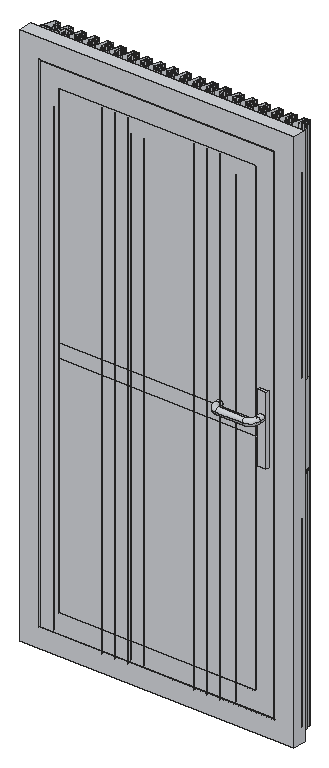
Revit family "NLRS_31_DO_WB_VS42 enkele deur-AV_jazo_jazo", category Doors, host Wall, Revit 2020
Family settings
  Host = Wall
  OmniClass Number = 23.30.10.00
  OmniClass Title = Doors
  Always vertical = Yes
  Cut with Voids When Loaded = No
  Shared = No
  Room Calculation Point = No
Parameters (values of type "TYPE CATALOG")
  URL = "www.jazo.com"
  Thickness = if(JAZO_C_forster presto kozijn, 50 mm, if(JAZO_C_aluminium kozijn, 60 mm, 50 mm))  # 50 mm
  Rough Width = NLRS_C_breedte_01  # 1010 mm
  Rough Height = NLRS_C_hoogte_01  # 2010 mm
  Operation = ""
  Negge = 61 mm
  NLRS_C_zelfsluitend = no
  NLRS_C_weerstandsklasse = "Voor specificaties of mogelijkheden, neem contact op."  # constant formula
  NLRS_C_vluchtroute = "Voor specificaties of mogelijkheden, neem contact op."  # constant formula
  NLRS_C_stelruimte = if(NLRS_C_brandwerend, 10 mm, 5 mm)  # 5 mm
  NLRS_C_rookwerendheid = "Voor specificaties of mogelijkheden, neem contact op."  # constant formula
  NLRS_C_offset_02 = if(JAZO_C_calculatie_01 < 1 mm, 1 mm, if(JAZO_C_calculatie_01 < 5 mm, 1 mm, if(JAZO_C_calculatie_01 < 10 mm, 5 mm, if(JAZO_C_calculatie_01 < 15 mm, 10 mm, if(JAZO_C_calculatie_01 < 20 mm, 15 mm, if(JAZO_C_calculatie_01 < 25 mm, 20 mm, if(JAZO_C_calculatie_01 < 30 mm, 25 mm, if(JAZO_C_calculatie_01 < 35 mm, 30 mm, if(JAZO_C_calculatie_01 < 40 mm, 35 mm, 42 mm)))))))))  # 20 mm
  NLRS_C_offset_01 = (NLRS_C_breedte - 4 mm - 75.2 mm - 158.4 mm - 4 mm - NLRS_C_lengte_01) / 2  # 19.2 mm
  NLRS_C_offset = Negge  # 61 mm
  NLRS_C_merk = "Voor specificaties of mogelijkheden, neem contact op."  # constant formula
  NLRS_C_leverancier_url = "www.jazo.com"  # constant formula
  NLRS_C_leverancier_telefoonnummer = "+31 316 - 59 29 11"  # constant formula
  NLRS_C_leverancier_postcode = "6905 DJ"  # constant formula
  NLRS_C_leverancier_plaats = "Zevenaar"  # constant formula
  NLRS_C_leverancier_email = "info@jazo.com"  # constant formula
  NLRS_C_leverancier_bedrijfsnaam = "JAZO Zevenaar bv"  # constant formula
  NLRS_C_leverancier_adres = "Handelsdwarsstraat 10"  # constant formula
  NLRS_C_lengte_03 = 1050 mm - 185 mm + 4 mm  # 869 mm
  NLRS_C_lengte_02 = NLRS_C_hoogte - 1050 mm - 110 mm + 15 mm  # 855 mm
  NLRS_C_lengte_01 = NLRS_C_aantal_01 * 48 mm  # 720 mm
  NLRS_C_inbraakwerend = no
  NLRS_C_hoogte_min = if(JAZO_C_forster presto kozijn, if(and(NLRS_C_brandwerend, NLRS_C_inbraakwerend), 2050 mm, if(NLRS_C_inbraakwerend, 2050 mm, if(NLRS_C_brandwerend, 2000 mm, 1850 mm))), if(JAZO_C_aluminium kozijn, 1850 mm, 1850 mm))  # 1850 mm
  NLRS_C_hoogte_max = if(JAZO_C_forster presto kozijn, if(NLRS_C_inbraakwerend, 2640 mm, 3000 mm), if(JAZO_C_aluminium kozijn, if(NLRS_C_inbraakwerend, 2645 mm, 3200 mm), 2000 mm))  # 3000 mm
  NLRS_C_hoogte_01 = NLRS_C_hoogte + (NLRS_C_stelruimte * 2)  # 2010 mm
  NLRS_C_hoogte = if(Height < NLRS_C_hoogte_min, NLRS_C_hoogte_min, if(Height > NLRS_C_hoogte_max, NLRS_C_hoogte_max, Height))  # 2000 mm
  NLRS_C_geluidwering Rw = "Voor specificaties of mogelijkheden, neem contact op."  # constant formula
  NLRS_C_diepte_02 = if(JAZO_C_forster presto kozijn, 50 mm, 30 mm)  # 50 mm
  NLRS_C_diepte_01 = if(JAZO_C_forster presto kozijn, 111 mm, 121 mm)  # 111 mm
  NLRS_C_diepte = Thickness  # 50 mm
  NLRS_C_content_versie = "2.4"  # constant formula
  NLRS_C_content_revit versie = "REVIT 2020.2"  # constant formula
  NLRS_C_content_provider = "JAZO Zevenaar bv"  # constant formula
  NLRS_C_content_datum uitgifte = "17-8-2022"  # constant formula
  NLRS_C_content_datum gewijzigd = "7-11-2022"  # constant formula
  NLRS_C_content_creator = "JAZO Zevenaar bv"  # constant formula
  NLRS_C_breedte_min = 850 mm  # constant formula
  NLRS_C_breedte_max = if(JAZO_C_forster presto kozijn, if(NLRS_C_inbraakwerend, 1440 mm, 1500 mm), if(JAZO_C_aluminium kozijn, if(NLRS_C_inbraakwerend, 1661 mm, 1400 mm), 1000 mm))  # 1500 mm
  NLRS_C_breedte_01 = NLRS_C_breedte + NLRS_C_stelruimte * 2  # 1010 mm
  NLRS_C_breedte = if(Width < NLRS_C_breedte_min, NLRS_C_breedte_min, if(Width > NLRS_C_breedte_max, NLRS_C_breedte_max, Width))  # 1000 mm
  NLRS_C_brandwerend = no
  NLRS_C_aantal_01 = rounddown((NLRS_C_breedte - 4 mm - 75.2 mm - 158.4 mm - 4 mm) / 48 mm)  # 15
  Model = "VS42 enkele deur"  # constant formula
  Manufacturer = "JAZO Zevenaar bv"  # constant formula
  MIN WIDTH = NLRS_C_breedte_min  # 850 mm
  MIN HEIGHT = NLRS_C_hoogte_min  # 1850 mm
  MAX WIDTH = NLRS_C_breedte_max  # 1500 mm
  MAX HEIGHT = NLRS_C_hoogte_max  # 3000 mm
  JAZO_C_ventilerend = no
  JAZO_C_paniekfunctie = no
  JAZO_C_opbouwrooster VS42 = if(or(JAZO_C_aluminium kozijn, JAZO_C_forster presto kozijn), 1 < 2, 2 < 1)  # yes
  JAZO_C_niet ventilerend = yes
  JAZO_C_materiaal schoep = none
  JAZO_C_materiaal scharnier = none
  JAZO_C_materiaal forster presto sandwichpaneel = none
  JAZO_C_materiaal forster presto kozijn = none
  JAZO_C_materiaal forster presto deurprofiel = none
  JAZO_C_materiaal beslag = none
  JAZO_C_materiaal aluminium planken = none
  JAZO_C_materiaal aluminium kozijn = none
  JAZO_C_forster presto kozijn = yes
  JAZO_C_dagmaat hoogte = if(JAZO_C_forster presto kozijn, NLRS_C_hoogte - 70 mm - 70 mm, if(JAZO_C_aluminium kozijn, NLRS_C_hoogte - 52 mm - 52 mm, 0 mm))  # 1860 mm
  JAZO_C_dagmaat breedte = if(JAZO_C_forster presto kozijn, NLRS_C_breedte - 70 mm - 70 mm, if(JAZO_C_aluminium kozijn, NLRS_C_breedte - 52 mm - 52 mm, 0 mm))  # 860 mm
  JAZO_C_calculatie_01 = if(JAZO_C_aluminium kozijn, 43.5 mm - NLRS_C_offset_01, if(JAZO_C_forster presto kozijn, 39.5 mm - NLRS_C_offset_01, 42 mm))  # 20.3 mm
  JAZO_C_aluminium kozijn = no
  Function = Exterior
  Height = 2000 mm
  Wall Closure = By host
  Width = 1000 mm
  Description = "VS42 enkele deur"  # constant formula
  Define Thermal Properties by = User Defined
  Construction Type = "Voor specificaties of mogelijkheden, neem contact op."  # constant formula
  Assembly Code = "23.30.10.00"
  Analytic Construction = "<None>"
Reference planes
  plane 1 "Center (Front/Back)": y = 0
  plane 2 "Center (Left/Right)": x = 0
  plane 3 "Left": x = -500
  plane 4 "Right": x = 500
  plane 5 "Top": z = 2005
  plane 6 "Exterior": y = 75
  plane 7 "Interior": y = -75
  plane 8 "stelruimte r": x = 505
  plane 9 "stelruimte l": x = -505
  plane 10 "stelruimte b": z = 2010
  plane 11 "stelruimte o": z = 5
  plane 12 "center kozijn": y = -11
  plane 13 "Center": z = 1005
  plane 14 "voorkant kozijn": y = 14
  plane 15 "achterkant kozijn": y = -36
  plane 16 "voorkant schoep": y = 75
  plane 17 "center kozijn + schoep": y = 19.5
  plane 18 "offset L": x = -480.8
  plane 19 "start schoep": x = -476.8
  plane 20 "sectie 2": x = 318.41
  plane 21 "offset R": x = 476.8
  plane 22: x = 496
  plane 23 "sectie 1": x = -401.59
  plane 24 "beslag": z = 1055
  plane 25: z = 870
Lines and regions (mm)
  Opening 1
    outline origin (-3161.91, -75, 0) x (1, 0, 0) y (0, 0, 1)
      loop
        line (2656.91, 0) -> (3666.91, 0) -> (3666.91, 2010) -> (2656.91, 2010) -> (2656.91, 0)
  symbolic lines, style "Swing Elevation"
    curve 1: line (500, -75, 1005) -> (-500, -75, 2005)
    curve 2: line (500, -75, 1005) -> (-500, -75, 0)
Text (mm)
  text "Exterior" at (-2295.016, 1099.543, 0), in view "Ref. Level"
  text "Exterior" at (0, 1615.38, 3698.081), in view "Left"
  text "Exterior" at (0, 1036.032, 3874.932), in view "Right"
Dimensions and locks
  equal spacing: plane 9 "stelruimte l", plane 2 "Center (Left/Right)", plane 8 "stelruimte r"
  "NLRS_C_breedte": plane 3 "Left" to plane 4 "Right"
  "NLRS_C_hoogte": plane 5 "Top" to plane 11 "stelruimte o"
  "NLRS_C_hoogte_01": host wall to plane 10 "stelruimte b"
  locked: plane 6 "Exterior" to host wall
  locked: plane 7 "Interior" to host wall
  "NLRS_C_breedte_01": plane 9 "stelruimte l" to plane 8 "stelruimte r"
  equal spacing: plane 3 "Left", plane 2 "Center (Left/Right)", plane 4 "Right"
  equal spacing: plane 11 "stelruimte o", plane 13 "Center", plane 5 "Top"
  "NLRS_C_stelruimte": level to plane 11 "stelruimte o"
  equal spacing: plane 14 "voorkant kozijn", plane 12 "center kozijn", plane 15 "achterkant kozijn"
  "NLRS_C_diepte": plane 14 "voorkant kozijn" to plane 15 "achterkant kozijn"
  "NLRS_C_diepte_01": plane 16 "voorkant schoep" to plane 15 "achterkant kozijn"
  equal spacing: plane 16 "voorkant schoep", plane 17 "center kozijn + schoep", plane 15 "achterkant kozijn"
  "NLRS_C_offset": plane 14 "voorkant kozijn" to plane 6 "Exterior"
  locked: plane 11 "stelruimte o" to nested 12 at 180
  locked: nested 14 to plane 5 "Top" at 180
  locked: nested 11 to plane 10 "stelruimte b" at 180
  locked: plane 11 "stelruimte o" to nested 9 at 180
  "NLRS_C_offset_01": plane 3 "Left" to plane 18 "offset L"
  locked: plane 18 "offset L" to plane 19 "start schoep" at 4
  plane 20 "sectie 2" to plane 21 "offset R" = 158.39 mm
  locked: plane 22 to plane 4 "Right" at 4
  "NLRS_C_offset_01": plane 21 "offset R" to plane 22
  locked: plane 19 "start schoep" to plane 23 "sectie 1" at 75.21
  equal spacing: group 1, group 2, group 3, group 4, group 5, group 6, group 7, group 8, group 9, group 10, group 11, group 12, group 19, group 20, group 21  (x3)
  locked: plane 23 "sectie 1" to nested 17 at 48
  "NLRS_C_lengte_01": plane 23 "sectie 1" to plane 20 "sectie 2"
  locked: plane 11 "stelruimte o" to plane 24 "beslag" at 1050
  equal spacing: group 15, group 14, group 13  (x2)
  equal spacing: group 13, group 14, group 15
  locked: nested 30 to plane 21 "offset R" at 48
  equal spacing: group 18, group 17, group 16
  equal spacing: group 16, group 17, group 18  (x2)
  locked: nested 33 to plane 21 "offset R" at 48
  locked: plane 25 to plane 24 "beslag" at 185
  aligned and locked: Opening 1 sketch curve to level
  aligned and locked: plane 1 "Center (Front/Back)" to host wall
  aligned and locked: Opening 1 sketch curve to plane 9 "stelruimte l"
  aligned and locked: plane 10 "stelruimte b" to Opening 1 sketch curve
  aligned and locked: Opening 1 sketch curve to plane 8 "stelruimte r"
  aligned and locked: plane 2 "Center (Left/Right)" to nested 1
  aligned and locked: nested 1 to plane 12 "center kozijn"
  aligned and locked: nested 1 to plane 5 "Top"
  aligned and locked: plane 2 "Center (Left/Right)" to nested 2
  aligned and locked: nested 2 to plane 12 "center kozijn"
  aligned and locked: nested 3 to plane 12 "center kozijn"
  aligned and locked: plane 2 "Center (Left/Right)" to nested 3
  aligned and locked: plane 2 "Center (Left/Right)" to nested 4
  aligned and locked: nested 4 to plane 12 "center kozijn"
  aligned and locked: nested 5 to plane 12 "center kozijn"
  aligned and locked: plane 2 "Center (Left/Right)" to nested 5
  aligned and locked: nested 3 to plane 5 "Top"
  aligned and locked: nested 5 to plane 5 "Top"
  aligned and locked: plane 2 "Center (Left/Right)" to nested 6
  aligned and locked: nested 6 to plane 17 "center kozijn + schoep"
  aligned and locked: plane 2 "Center (Left/Right)" to nested 7
  aligned and locked: nested 7 to plane 17 "center kozijn + schoep"
  aligned and locked: plane 13 "Center" to nested 4
  aligned and locked: nested 8 to plane 3 "Left"
  aligned and locked: nested 8 to plane 14 "voorkant kozijn"
  aligned and locked: nested 12 to plane 3 "Left"
  aligned and locked: nested 13 to plane 3 "Left"
  aligned and locked: nested 14 to plane 3 "Left"
  aligned and locked: plane 14 "voorkant kozijn" to nested 14
  aligned and locked: plane 14 "voorkant kozijn" to nested 13
  aligned and locked: plane 14 "voorkant kozijn" to nested 12
  aligned and locked: nested 9 to plane 3 "Left"
  aligned and locked: nested 10 to plane 3 "Left"
  aligned and locked: nested 11 to plane 3 "Left"
  aligned and locked: nested 11 to plane 14 "voorkant kozijn"
  aligned and locked: nested 10 to plane 14 "voorkant kozijn"
  aligned and locked: nested 9 to plane 14 "voorkant kozijn"
  aligned and locked: plane 13 "Center" to nested 13
  aligned and locked: plane 13 "Center" to nested 10
  aligned and locked: nested 2 to plane 5 "Top"
  aligned and locked: nested 15 to plane 13 "Center"
  aligned and locked: plane 19 "start schoep" to nested 15
  aligned and locked: nested 15 to plane 14 "voorkant kozijn"
  aligned and locked: nested 16 to plane 14 "voorkant kozijn"
  aligned and locked: nested 16 to plane 23 "sectie 1"
  aligned and locked: nested 17 to plane 14 "voorkant kozijn"
  aligned and locked: nested 16 to plane 13 "Center"
  aligned and locked: nested 17 to plane 13 "Center"
  aligned and locked: nested 18 to plane 21 "offset R"
  aligned and locked: nested 18 to plane 14 "voorkant kozijn"
  aligned and locked: plane 24 "beslag" to nested 18
  aligned and locked: nested 29 to plane 21 "offset R"
  aligned and locked: nested 29 to plane 14 "voorkant kozijn"
  aligned and locked: nested 31 to plane 14 "voorkant kozijn"
  aligned and locked: plane 5 "Top" to nested 31
  aligned and locked: plane 5 "Top" to nested 29
  aligned and locked: nested 32 to plane 21 "offset R"
  aligned and locked: plane 25 to nested 34
  aligned and locked: plane 25 to nested 32
  aligned and locked: nested 32 to plane 14 "voorkant kozijn"
  aligned and locked: nested 34 to plane 14 "voorkant kozijn"
  aligned and locked: nested 38 to plane 16 "voorkant schoep"
  aligned and locked: nested 38 to plane 21 "offset R"
  aligned and locked: nested 39 to plane 4 "Right"
  aligned and locked: nested 39 to plane 3 "Left"
  aligned and locked: plane 14 "voorkant kozijn" to nested 39
  aligned and locked: plane 2 "Center (Left/Right)" to nested 40
  aligned and locked: nested 40 to plane 17 "center kozijn + schoep"
Automatic sketch dimensions
  plane 4 "Right" to curve 2 = 0 mm
  curve 2 to level = 0 mm
  curve 2 to plane 13 "Center" = 0 mm
  plane 3 "Left" to curve 1 = 0 mm
  curve 1 to plane 5 "Top" = 0 mm
  plane 3 "Left" to curve 2 = 0 mm
Nested families
  nested 1: "NLRS_31_GM_UN_forster presto kozijn-AV" at (0, -11, 5), type "forster presto kozijn"
    with NLRS_C_breedte 1000 mm
  nested 2: "NLRS_31_GM_UN_aluminium kozijn-AV" at (0, -11, 5), type "aluminium kozijn"
  nested 3: "NLRS_31_GM_UN_forster presto deurprofiel-AV" at (0, -11, 5), type "forster presto deurprofiel"
  nested 4: "NLRS_31_GM_UN_forster presto sandwichpaneel opbouwroosters-AV" at (0, -11, 5), type "forster presto sandiwchpaneel opbouwroosters"
    with NLRS_C_zichtbaar_02 no, NLRS_C_breedte_01 720 mm, NLRS_C_breedte 1000 mm, NLRS_C_brandwerend no, JAZO_C_ventilerend no, JAZO_C_niet ventilerend yes
  nested 5: "NLRS_31_GM_UN_aluminium planken opbouwroosters-AV" at (0, 4.008, 5), type "aluminium planken"
    with NLRS_C_zichtbaar_01 no, NLRS_C_hoogte_04 759.5 mm, NLRS_C_hoogte_03 755.5 mm, NLRS_C_hoogte_02 1930 mm, NLRS_C_hoogte 2000 mm, NLRS_C_breedte_03 742 mm, NLRS_C_breedte_02 753 mm, NLRS_C_breedte_01 952 mm, NLRS_C_breedte 1000 mm, NLRS_C_aantal_02 38, NLRS_C_aantal_01 38, JAZO_C_aluminium kozijn no
  nested 6: "NLRS_31_DI_UN_markering" at (0, 19.5, 0), type "markering"
  nested 7: "NLRS_31_GA_UN_error message" at (0, 19.5, 0), type "error message"
    with NLRS_C_zichtbaar_10 no, NLRS_C_zichtbaar_05 no, NLRS_C_hoogte_max 3000 mm, NLRS_C_hoogte 2000 mm, NLRS_C_breedte_max 1500 mm, NLRS_C_brandwerend no, JAZO_C_aluminium kozijn no
  nested 8: "NLRS_31_DI_UN_scharnier detail HS42R HJ44" at (-500, 14, 0), type "scharnier detail HS42R HJ44"
  nested 9: "NLRS_31_GM_UN_scharnier aluminium HS42R HJ44-AV" at (-480, 75.5, 95), type "scharnier aluminium HS42R HJ44"
  nested 10: "NLRS_31_GM_UN_scharnier aluminium HS42R HJ44-AV" at (-480, 75.5, 915), type "scharnier aluminium HS42R HJ44"
  nested 11: "NLRS_31_GM_UN_scharnier aluminium HS42R HJ44-AV" at (-480, 75.5, 1740), type "scharnier aluminium HS42R HJ44"
  nested 12: "NLRS_31_GM_UN_scharnier staal HS42R HJ44-AV" at (-480, 68, 99.5), type "scharnier staal HS42R HJ44"
  nested 13: "NLRS_31_GM_UN_scharnier staal HS42R HJ44-AV" at (-480, 68, 919.5), type "scharnier staal HS42R HJ44"
  nested 14: "NLRS_31_GM_UN_scharnier staal HS42R HJ44-AV" at (-480, 68, 1739.5), type "scharnier staal HS42R HJ44"
  nested 15: "NLRS_31_GM_UN_VS42 start schoep-AV" at (-431.685, 50, 5) x (-1, 0, 0) z (0, 0, 1), NLRS_C_hoogte <- "NLRS_C_hoogte", type "VS42 start schoep"
    with NLRS_C_hoogte 2000 mm, NLRS_C_afstand 20 mm
  nested 16: "NLRS_31_GM_UN_VS42 schoep-AV" at (-370.382, 50, 5) x (-1, 0, 0) z (0, 0, 1), NLRS_C_hoogte <- "NLRS_C_hoogte", type "VS42 schoep"
    with NLRS_C_hoogte 2000 mm
  nested 17: "NLRS_31_GM_UN_VS42 schoep-AV" at (-322.382, 50, 5) x (-1, 0, 0) z (0, 0, 1), NLRS_C_hoogte <- "NLRS_C_hoogte", type "VS42 schoep"
    with NLRS_C_hoogte 2000 mm
  nested 18: "NLRS_31_GM_UN_beslagbak VS42-AV" at (381.8, 25, 870), visible <- "JAZO_C_opbouwrooster VS42", type "beslagbak VS42"
  nested 19: "NLRS_31_GM_UN_VS42 schoep-AV" at (-274.382, 50, 5) x (-1, 0, 0) z (0, 0, 1), NLRS_C_hoogte <- "NLRS_C_hoogte", type "VS42 schoep"
    with NLRS_C_hoogte 2000 mm
  nested 20: "NLRS_31_GM_UN_VS42 schoep-AV" at (-226.382, 50, 5) x (-1, 0, 0) z (0, 0, 1), NLRS_C_hoogte <- "NLRS_C_hoogte", type "VS42 schoep"
    with NLRS_C_hoogte 2000 mm
  nested 21: "NLRS_31_GM_UN_VS42 schoep-AV" at (-178.382, 50, 5) x (-1, 0, 0) z (0, 0, 1), NLRS_C_hoogte <- "NLRS_C_hoogte", type "VS42 schoep"
    with NLRS_C_hoogte 2000 mm
  nested 22: "NLRS_31_GM_UN_VS42 schoep-AV" at (-130.382, 50, 5) x (-1, 0, 0) z (0, 0, 1), NLRS_C_hoogte <- "NLRS_C_hoogte", type "VS42 schoep"
    with NLRS_C_hoogte 2000 mm
  nested 23: "NLRS_31_GM_UN_VS42 schoep-AV" at (-82.382, 50, 5) x (-1, 0, 0) z (0, 0, 1), NLRS_C_hoogte <- "NLRS_C_hoogte", type "VS42 schoep"
    with NLRS_C_hoogte 2000 mm
  nested 24: "NLRS_31_GM_UN_VS42 schoep-AV" at (-34.382, 50, 5) x (-1, 0, 0) z (0, 0, 1), NLRS_C_hoogte <- "NLRS_C_hoogte", type "VS42 schoep"
    with NLRS_C_hoogte 2000 mm
  nested 25: "NLRS_31_GM_UN_VS42 schoep-AV" at (13.618, 50, 5) x (-1, 0, 0) z (0, 0, 1), NLRS_C_hoogte <- "NLRS_C_hoogte", type "VS42 schoep"
    with NLRS_C_hoogte 2000 mm
  nested 26: "NLRS_31_GM_UN_VS42 schoep-AV" at (61.618, 50, 5) x (-1, 0, 0) z (0, 0, 1), NLRS_C_hoogte <- "NLRS_C_hoogte", type "VS42 schoep"
    with NLRS_C_hoogte 2000 mm
  nested 27: "NLRS_31_GM_UN_VS42 schoep-AV" at (109.618, 50, 5) x (-1, 0, 0) z (0, 0, 1), NLRS_C_hoogte <- "NLRS_C_hoogte", type "VS42 schoep"
    with NLRS_C_hoogte 2000 mm
  nested 28: "NLRS_31_GM_UN_VS42 schoep-AV" at (157.618, 50, 5) x (-1, 0, 0) z (0, 0, 1), NLRS_C_hoogte <- "NLRS_C_hoogte", type "VS42 schoep"
    with NLRS_C_hoogte 2000 mm
  nested 29: "NLRS_31_GM_UN_VS42 schoep-AV" at (445.592, 50, 1150) x (-1, 0, 0) z (0, 0, 1), NLRS_C_hoogte <- "NLRS_C_lengte_02", type "VS42 schoep"
    with NLRS_C_hoogte 855 mm
  nested 30: "NLRS_31_GM_UN_VS42 schoep-AV" at (397.592, 50, 1150) x (-1, 0, 0) z (0, 0, 1), NLRS_C_hoogte <- "NLRS_C_lengte_02", type "VS42 schoep"
    with NLRS_C_hoogte 855 mm
  nested 31: "NLRS_31_GM_UN_VS42 schoep-AV" at (349.592, 50, 1150) x (-1, 0, 0) z (0, 0, 1), NLRS_C_hoogte <- "NLRS_C_lengte_02", type "VS42 schoep"
    with NLRS_C_hoogte 855 mm
  nested 32: "NLRS_31_GM_UN_VS42 schoep-AV" at (445.592, 50, 5) x (-1, 0, 0) z (0, 0, 1), NLRS_C_hoogte <- "NLRS_C_lengte_03", type "VS42 schoep"
    with NLRS_C_hoogte 869 mm
  nested 33: "NLRS_31_GM_UN_VS42 schoep-AV" at (397.592, 50, 5) x (-1, 0, 0) z (0, 0, 1), NLRS_C_hoogte <- "NLRS_C_lengte_03", type "VS42 schoep"
    with NLRS_C_hoogte 869 mm
  nested 34: "NLRS_31_GM_UN_VS42 schoep-AV" at (349.592, 50, 5) x (-1, 0, 0) z (0, 0, 1), NLRS_C_hoogte <- "NLRS_C_lengte_03", type "VS42 schoep"
    with NLRS_C_hoogte 869 mm
  nested 35: "NLRS_31_GM_UN_VS42 schoep-AV" at (205.618, 50, 5) x (-1, 0, 0) z (0, 0, 1), NLRS_C_hoogte <- "NLRS_C_hoogte", type "VS42 schoep"
    with NLRS_C_hoogte 2000 mm
  nested 36: "NLRS_31_GM_UN_VS42 schoep-AV" at (253.618, 50, 5) x (-1, 0, 0) z (0, 0, 1), NLRS_C_hoogte <- "NLRS_C_hoogte", type "VS42 schoep"
    with NLRS_C_hoogte 2000 mm
  nested 37: "NLRS_31_GM_UN_VS42 schoep-AV" at (301.618, 50, 5) x (-1, 0, 0) z (0, 0, 1), NLRS_C_hoogte <- "NLRS_C_hoogte", type "VS42 schoep"
    with NLRS_C_hoogte 2000 mm
  nested 38: "NLRS_31_DI_UN_beslagbak detail VS42" at (392.4, 55, 0), type "beslagbak detail VS42"
  nested 39: "NLRS_31_GM_UN_door swing" at (-500, 14, 0) x (-1, 0, 0) z (0, 0, 1), NLRS_C_breedte <- "NLRS_C_breedte", type "door swing"
    with NLRS_C_hoek 90.00°, NLRS_C_breedte 1000 mm
  nested 40: "NLRS_31_GA_UN_error message paniekfunctie" at (0, 19.5, 0), type "error message"
    with NLRS_C_zichtbaar_01 no, NLRS_C_inbraakwerend no, JAZO_C_ventilerend no, JAZO_C_paniekfunctie no
Definition of nested family "NLRS_31_GM_UN_forster presto kozijn-AV"
  Parameters (values of type "forster presto kozijn")
    URL = "www.jazo.com"
    NLRS_C_zichtbaar_01 = yes
    NLRS_C_materiaal = none
    NLRS_C_hoogte = 2000 mm
    NLRS_C_diepte = 50 mm  # constant formula
    NLRS_C_breedte = 2500 mm
    Model = "Forster Presto kozijn"
    Manufacturer = "JAZO Zevenaar bv"
    Description = "Forster Presto kozijn"
    Default Elevation = 0 mm
    Assembly Code = "23.30.10.11.11"
  Reference planes
    plane 1 "Center (Front/Back)": y = 0
    plane 2 "Bottom": z = 0
    plane 3 "Center (Left/Right)": x = 0
    plane 4 "Left": x = -1250
    plane 5 "Right": x = 1250
    plane 6 "Top": z = 2000
    plane 7 "voorkant kozijn": y = 25
    plane 8 "achterkant kozijn": y = -25
  Forms (mm)
    Sweep 1, solid, material <- "NLRS_C_materiaal", visible <- "NLRS_C_zichtbaar_01"
      path origin (0, 0, 0) x (1, 0, 0) y (0, 0, 1)
        loop
          line (-1250, 2000) -> (-1250, 0) -> (1250, 0) -> (1250, 2000) -> (-1250, 2000)
      profile origin (0, 0, 2000) x (0, 0, 1) y (0, -1, 0)
        loop
          line (0, -25) -> (0, 25) -> (-50, 25) -> (-70, 25) -> (-70, 22.003) -> (-50, 22.003) -> (-50, -19) -> (-36, -19) -> (-36, -25) -> (0, -25)
  Lines and regions (mm)
    symbolic lines, visible <- "NLRS_C_zichtbaar_01"
      curve 1: line (-1181.52, -25, 0) -> (1181.52, -25, 0)
      curve 2: line (-1216.25, 25, 0) -> (1216.25, 25, 0)
    symbolic lines
      curve 3: line (0, -25, 1931.52) -> (0, -25, 68.48)
      curve 4: line (0, 25, 33.75) -> (0, 25, 1966.25)
  Dimensions and locks
    "NLRS_C_hoogte": plane 6 "Top" to plane 2 "Bottom"
    "NLRS_C_diepte": plane 7 "voorkant kozijn" to plane 8 "achterkant kozijn"
    "NLRS_C_breedte": plane 4 "Left" to plane 5 "Right"
    equal spacing: plane 4 "Left", plane 3 "Center (Left/Right)", plane 5 "Right"
    aligned and locked: level to plane 2 "Bottom"
    aligned and locked: Sweep 1 to plane 8 "achterkant kozijn"
    aligned and locked: Sweep 1 to plane 7 "voorkant kozijn"
    aligned and locked: nested 1 to plane 8 "achterkant kozijn"
    aligned and locked: nested 2 to plane 8 "achterkant kozijn"
    aligned and locked: Sweep 1 sketch curve to plane 6 "Top"
    aligned and locked: Sweep 1 sketch curve to plane 4 "Left"
    aligned and locked: plane 5 "Right" to Sweep 1 sketch curve
    aligned and locked: plane 2 "Bottom" to Sweep 1 sketch curve
    aligned and locked: nested 1 to plane 4 "Left"
    aligned and locked: nested 2 to plane 5 "Right"
    aligned and locked: nested 4 to plane 6 "Top"
    aligned and locked: nested 3 to plane 2 "Bottom"
    aligned and locked: curve 1 to plane 8 "achterkant kozijn"
    aligned and locked: curve 2 to plane 7 "voorkant kozijn"
    aligned and locked: plane 8 "achterkant kozijn" to curve 3
    aligned and locked: curve 4 to plane 7 "voorkant kozijn"
  Automatic sketch dimensions
    profile plane to Sweep 1 sketch curve = 0 mm
    profile plane to Sweep 1 sketch curve = 36 mm
    Sweep 1 sketch curve to Sweep 1 sketch curve = 14 mm
    Sweep 1 sketch curve to Sweep 1 sketch curve = 0 mm
    Sweep 1 sketch curve to Sweep 1 sketch curve = 20 mm
    Sweep 1 sketch curve to plane 1 "Center (Front/Back)" = 25 mm
    Sweep 1 sketch curve to Sweep 1 sketch curve = 6 mm
    plane 1 "Center (Front/Back)" to Sweep 1 sketch curve = 22.003 mm
    Sweep 1 sketch curve to Sweep 1 sketch curve = 2.997 mm
    curve 2 to plane 4 "Left" = 33.75 mm
    curve 2 to curve 1 = 34.73 mm
    plane 5 "Right" to curve 1 = 68.48 mm
    plane 5 "Right" to curve 2 = 33.75 mm
    level to curve 4 = 33.75 mm
    curve 4 to curve 3 = 34.73 mm
    curve 3 to plane 6 "Top" = 68.48 mm
    curve 4 to plane 6 "Top" = 33.75 mm
  Nested families
    nested 1: "NLRS_31_DI_UN_forster presto kozijn detail" at (-1250, -25, 0) x (0, 1, 0) z (0, 0, 1), visible <- "NLRS_C_zichtbaar_01", type "forster presto kozijn detail"
    nested 2: "NLRS_31_DI_UN_forster presto kozijn detail" at (1250, -25, 0) x (0, 1, 0) z (0, 0, 1), visible <- "NLRS_C_zichtbaar_01", type "forster presto kozijn detail"
    nested 3: "NLRS_31_DI_UN_forster presto kozijn detail" at (0, -25, 0) x (0, 1, 0) z (1, 0, 0), visible <- "NLRS_C_zichtbaar_01", type "forster presto kozijn detail"
    nested 4: "NLRS_31_DI_UN_forster presto kozijn detail" at (0, -25, 2000) x (0, 1, 0) z (1, 0, 0), visible <- "NLRS_C_zichtbaar_01", type "forster presto kozijn detail"
  Definition of nested family "NLRS_31_DI_UN_forster presto kozijn detail"
    Parameters (values of type "forster presto kozijn detail")
      URL = "www.jazo.com"
      Manufacturer = "Jazo Zevenaar BV"
      Description = "Forster presto kozijn detail"
    Reference planes
      plane 1 "Center (Front/Back)": y = 0
      plane 2: z = 0
      plane 3 "Center (Left/Right)": x = 0
    Lines and regions (mm)
      detail lines, in view "Ref. Level"
        curve 1: line (0, 2.25, 0) -> (0, 68.48, 0)
        curve 2: arc (0, 68.48, 0) -> (1.52, 70, 0) -> (3.04, 68.48, 0) r 1.52
        curve 3: line (3.04, 68.48, 0) -> (3.04, 50.75, 0)
        curve 4: arc (3.04, 50.75, 0) -> (3.26, 50.22, 0) -> (3.79, 50, 0) r 0.75
        curve 5: line (3.79, 50, 0) -> (42.48, 50, 0)
        curve 6: arc (42.48, 50, 0) -> (43.99, 48.306, 0) -> (42.134, 47, 0) r 1.52
        curve 7: line (42.134, 47, 0) -> (37, 47, 0)
        curve 8: arc (37, 46.96, 0) -> (35.51, 45.633, 0) -> (36.656, 44, 0) r 1.5
        curve 9: line (36.656, 44, 0) -> (42.79, 44, 0)
        curve 10: arc (42.79, 44, 0) -> (44.108, 43.561, 0) -> (44.901, 42.421, 0) r 2.2
        curve 11: line (45, 42.467, 0) -> (45, 36.75, 0)
        curve 12: arc (45, 36.75, 0) -> (45.22, 36.22, 0) -> (45.75, 36, 0) r 0.75
        curve 13: line (45.75, 36, 0) -> (47.75, 36, 0)
        curve 14: arc (47.75, 36, 0) -> (49.341, 35.341, 0) -> (50, 33.75, 0) r 2.25
        curve 15: line (50, 33.75, 0) -> (50, 2.25, 0)
        curve 16: arc (50, 2.25, 0) -> (49.341, 0.659, 0) -> (47.75, 0, 0) r 2.25
        curve 17: line (47.75, 0, 0) -> (2.25, 0, 0)
        curve 18: arc (2.25, 0, 0) -> (0.659, 0.659, 0) -> (0, 2.25, 0) r 2.25
        curve 19: arc (37, 48.46, 0) -> (34, 45.46, 0) -> (37, 42.46, 0) r 3
        curve 20: line (37, 42.46, 0) -> (42.75, 42.46, 0)
        curve 21: arc (42.75, 42.46, 0) -> (43.28, 42.24, 0) -> (43.5, 41.71, 0) r 0.75
        curve 22: line (43.5, 41.71, 0) -> (43.5, 36.75, 0)
        curve 23: arc (43.5, 36.75, 0) -> (44.159, 35.159, 0) -> (45.75, 34.5, 0) r 2.25
        curve 24: line (45.75, 34.5, 0) -> (47.75, 34.5, 0)
        curve 25: arc (47.75, 34.5, 0) -> (48.28, 34.28, 0) -> (48.5, 33.75, 0) r 0.75
        curve 26: line (48.5, 33.75, 0) -> (48.5, 2.25, 0)
        curve 27: arc (48.5, 2.25, 0) -> (48.28, 1.72, 0) -> (47.75, 1.5, 0) r 0.75
        curve 28: line (47.75, 1.5, 0) -> (2.25, 1.5, 0)
        curve 29: arc (2.25, 1.5, 0) -> (1.72, 1.72, 0) -> (1.5, 2.25, 0) r 0.75
        curve 30: line (1.5, 2.25, 0) -> (1.5, 68.48, 0)
        curve 31: arc (1.54, 50.75, 0) -> (2.199, 49.159, 0) -> (3.79, 48.5, 0) r 2.25
        curve 32: line (3.79, 48.5, 0) -> (42.48, 48.5, 0)
Definition of nested family "NLRS_31_GM_UN_forster presto deurprofiel-AV"
  Parameters (values of type "forster presto deurprofiel")
    URL = "www.jazo.com"
    NLRS_C_zichtbaar_01 = yes
    NLRS_C_materiaal = none
    NLRS_C_hoogte = 2000 mm
    NLRS_C_diepte = 50 mm  # constant formula
    NLRS_C_breedte = 1000 mm
    Model = "Forster Presto deurprofiel"
    Manufacturer = "JAZO Zevenaar bv"
    Description = "Forster presto deurprofiel"
    Default Elevation = 0 mm
    Assembly Code = "23.30.10.11.11"
  Reference planes
    plane 1 "Center (Front/Back)": y = 0
    plane 2 "Bottom": z = 0
    plane 3 "Center (Left/Right)": x = 0
    plane 4 "Left": x = -500
    plane 5 "Right": x = 500
    plane 6 "Top": z = 2000
    plane 7 "voorkant kozijn": y = 25
    plane 8 "achterkant kozijn": y = -25
    plane 9 "Center (Elevation)": z = 1000
  Forms (mm)
    Sweep 1, solid, material <- "NLRS_C_materiaal", visible <- "NLRS_C_zichtbaar_01"
      path origin (0, 0, 0) x (1, 0, 0) y (0, 0, 1)
        loop
          line (-500, 2000) -> (-500, 0) -> (500, 0) -> (500, 2000) -> (-500, 2000)
      profile origin (0, 0, 2000) x (0, 0, 1) y (0, -1, 0)
        loop
          line (-40, -22) -> (-60, -22) -> (-60, 19) -> (-74, 19) -> (-74, 25) -> (-140, 25) -> (-140, -22) -> (-160, -22) -> (-160, -25) -> (-40, -25) -> (-40, -22)
  Lines and regions (mm)
    symbolic lines, visible <- "NLRS_C_zichtbaar_01"
      curve 1: line (-362.25, -25, 0) -> (362.25, -25, 0)
      curve 2: line (-341.52, 25, 0) -> (341.52, 25, 0)
      curve 3: line (0, 25, 1841.52) -> (0, 25, 158.48)
      curve 4: line (0, -25, 123.75) -> (0, -25, 1862.25)
  Dimensions and locks
    equal spacing: plane 4 "Left", plane 3 "Center (Left/Right)", plane 5 "Right"
    "NLRS_C_breedte": plane 4 "Left" to plane 5 "Right"
    "NLRS_C_hoogte": plane 6 "Top" to plane 2 "Bottom"
    locked: plane 4 "Left" to nested 1 at 60
    locked: nested 2 to plane 5 "Right" at 60
    locked: nested 3 to plane 6 "Top" at 60
    equal spacing: plane 6 "Top", plane 9 "Center (Elevation)", plane 2 "Bottom"
    locked: Sweep 1 to plane 2 "Bottom" at 60
    aligned and locked: level to plane 2 "Bottom"
    aligned and locked: Sweep 1 to plane 7 "voorkant kozijn"  (x2)
    aligned and locked: plane 8 "achterkant kozijn" to nested 3
    aligned and locked: Sweep 1 sketch curve to plane 6 "Top"
    aligned and locked: Sweep 1 sketch curve to plane 4 "Left"
    aligned and locked: plane 5 "Right" to Sweep 1 sketch curve
    aligned and locked: plane 2 "Bottom" to Sweep 1 sketch curve
    aligned and locked: curve 1 to plane 8 "achterkant kozijn"
    aligned and locked: plane 7 "voorkant kozijn" to curve 2
    aligned and locked: curve 3 to plane 7 "voorkant kozijn"
    aligned and locked: curve 4 to plane 8 "achterkant kozijn"
  Automatic sketch dimensions
    profile plane to Sweep 1 sketch curve = 160 mm
    Sweep 1 sketch curve to Sweep 1 sketch curve = 20 mm  (x2)
    Sweep 1 sketch curve to Sweep 1 sketch curve = 66 mm
    Sweep 1 sketch curve to Sweep 1 sketch curve = 14 mm
    Sweep 1 sketch curve to plane 1 "Center (Front/Back)" = 25 mm
    Sweep 1 sketch curve to Sweep 1 sketch curve = 3 mm  (x2)
    Sweep 1 sketch curve to Sweep 1 sketch curve = 41 mm
    Sweep 1 sketch curve to Sweep 1 sketch curve = 6 mm
    curve 1 to plane 4 "Left" = 137.75 mm
    curve 1 to curve 2 = 20.73 mm
    plane 5 "Right" to curve 2 = 158.48 mm
    curve 2 to curve 1 = 20.73 mm
    level to curve 4 = 123.75 mm
    curve 4 to curve 3 = 34.73 mm
    curve 3 to plane 6 "Top" = 158.48 mm
    curve 3 to curve 4 = 20.73 mm
  Nested families
    nested 1: "NLRS_31_DI_UN_forster presto deurprofiel detail" at (-460, 25, 0) x (0, -1, 0) z (0, 0, 1), visible <- "NLRS_C_zichtbaar_01", type "forster presto deurprofiel detail"
    nested 2: "NLRS_31_DI_UN_forster presto deurprofiel detail" at (460, 25, 0) x (0, -1, 0) z (0, 0, 1), visible <- "NLRS_C_zichtbaar_01", type "forster presto deurprofiel detail"
    nested 3: "NLRS_31_DI_UN_forster presto deurprofiel detail" at (0, 25, 1960) x (0, -1, 0) z (1, 0, 0), visible <- "NLRS_C_zichtbaar_01", type "forster presto deurprofiel detail"
    nested 4: "NLRS_31_DI_UN_forster presto deurprofiel detail" at (0, 25, 40) x (0, -1, 0) z (1, 0, 0), visible <- "NLRS_C_zichtbaar_01", type "forster presto deurprofiel detail"
  Definition of nested family "NLRS_31_DI_UN_forster presto deurprofiel detail"
    Parameters (values of type "forster presto deurprofiel detail")
      URL = "www.jazo.com"
      Manufacturer = "Jazo Zevenaar BV"
      Description = "Forster presto deurprofiel detail"
      Assembly Code = "23.30.10.11.11"
    Reference planes
      plane 1 "Center (Front/Back)": y = 0
      plane 2: z = 0
      plane 3 "Center (Left/Right)": x = 0
    Lines and regions (mm)
      detail lines, in view "Ref. Level"
        curve 1: line (50, 36.25, 0) -> (50, 97.75, 0)
        curve 2: arc (50, 97.75, 0) -> (49.341, 99.341, 0) -> (47.75, 100, 0) r 2.25
        curve 3: line (47.75, 100, 0) -> (3.79, 100, 0)
        curve 4: arc (3.79, 100, 0) -> (3.26, 100.22, 0) -> (3.04, 100.75, 0) r 0.75
        curve 5: line (3.04, 100.75, 0) -> (3.04, 118.48, 0)
        curve 6: arc (3.04, 118.48, 0) -> (1.52, 120, 0) -> (0, 118.48, 0) r 1.52
        curve 7: line (0, 118.48, 0) -> (0, 1.52, 0)
        curve 8: arc (0, 1.52, 0) -> (1.52, 0, 0) -> (3.04, 1.52, 0) r 1.52
        curve 9: line (3.04, 1.52, 0) -> (3.04, 19.25, 0)
        curve 10: arc (3.04, 19.25, 0) -> (3.26, 19.78, 0) -> (3.79, 20, 0) r 0.75
        curve 11: line (3.79, 20, 0) -> (42.48, 20, 0)
        curve 12: arc (42.48, 20, 0) -> (44, 21.52, 0) -> (42.48, 23.04, 0) r 1.52
        curve 13: line (42.48, 23.04, 0) -> (37, 23.04, 0)
        curve 14: arc (37, 23.04, 0) -> (35.5, 24.54, 0) -> (37, 26.04, 0) r 1.5
        curve 15: line (37, 26.04, 0) -> (42.79, 26.04, 0)
        curve 16: arc (42.79, 26.04, 0) -> (44.365, 26.703, 0) -> (45, 28.29, 0) r 2.215
        curve 17: line (45, 28.29, 0) -> (45, 33.25, 0)
        curve 18: arc (45, 33.25, 0) -> (45.22, 33.78, 0) -> (45.75, 34, 0) r 0.75
        curve 19: line (45.75, 34, 0) -> (47.75, 34, 0)
        curve 20: arc (47.75, 34, 0) -> (49.341, 34.659, 0) -> (50, 36.25, 0) r 2.25
        curve 21: arc (1.54, 19.25, 0) -> (2.199, 20.841, 0) -> (3.79, 21.5, 0) r 2.25
        curve 22: line (3.79, 21.5, 0) -> (37, 21.5, 0)
        curve 23: arc (37, 21.54, 0) -> (34, 24.54, 0) -> (37, 27.54, 0) r 3
        curve 24: line (37, 27.54, 0) -> (42.75, 27.54, 0)
        curve 25: arc (42.75, 27.54, 0) -> (43.28, 27.76, 0) -> (43.5, 28.29, 0) r 0.75
        curve 26: line (43.5, 28.29, 0) -> (43.5, 33.25, 0)
        curve 27: arc (43.5, 33.25, 0) -> (44.159, 34.841, 0) -> (45.75, 35.5, 0) r 2.25
        curve 28: line (45.75, 35.5, 0) -> (47.75, 35.5, 0)
        curve 29: arc (47.75, 35.5, 0) -> (48.28, 35.72, 0) -> (48.5, 36.25, 0) r 0.75
        curve 30: line (48.5, 36.25, 0) -> (48.5, 97.75, 0)
        curve 31: arc (48.5, 97.75, 0) -> (48.28, 98.28, 0) -> (47.75, 98.5, 0) r 0.75
        curve 32: line (47.75, 98.5, 0) -> (3.79, 98.5, 0)
        curve 33: arc (3.79, 98.5, 0) -> (2.199, 99.159, 0) -> (1.54, 100.75, 0) r 2.25
        curve 34: line (37, 21.5, 0) -> (42.48, 21.52, 0)
        curve 35: line (37, 21.54, 0) -> (42.48, 21.52, 0)
        curve 36: line (1.52, 1.52, 0) -> (1.52, 118.48, 0)
Definition of nested family "NLRS_31_GM_UN_forster presto sandwichpaneel opbouwroosters-AV"
  Parameters (values of type "forster presto sandiwchpaneel opbouwroosters")
    URL = "www.jazo.com"
    NLRS_C_zichtbaar_02 = if(JAZO_C_forster presto kozijn, if(and(NLRS_C_inbraakwerend, JAZO_C_ventilerend), 1 < 2, if(and(NLRS_C_brandwerend, JAZO_C_ventilerend), 1 < 2, 2 < 1)), 2 < 1)  # yes
    NLRS_C_zichtbaar_01 = if(JAZO_C_forster presto kozijn, if(or(JAZO_C_niet ventilerend, NLRS_C_zichtbaar_02), 1 < 2, 2 < 1), 2 < 1)  # yes
    NLRS_C_offset_01 = 10 mm
    NLRS_C_materiaal = none
    NLRS_C_inbraakwerend = no
    NLRS_C_hoogte_01 = (NLRS_C_hoogte / 2) - 140 mm - 25 mm  # 835 mm
    NLRS_C_hoogte = 2000 mm
    NLRS_C_diepte = 50 mm  # constant formula
    NLRS_C_breedte_01 = NLRS_C_breedte - 280 mm  # 620 mm
    NLRS_C_breedte = 900 mm
    NLRS_C_brandwerend = yes
    NLRS_C_aantal_01 = NLRS_C_hoogte_01 / 20 mm  # 42
    Model = ""
    Manufacturer = "JAZO Zevenaar bv"
    JAZO_C_ventilerend = yes
    JAZO_C_niet ventilerend = no
    JAZO_C_forster presto kozijn = yes
    Description = "Forster presto sandwichpaneel opbouwroosters"
    Default Elevation = 0 mm
    Assembly Code = "23.30.10.11.14"
  Reference planes
    plane 1 "Center (Front/Back)": y = 0
    plane 2 "Bottom": z = 0
    plane 3 "Center (Left/Right)": x = 0
    plane 4 "Left": x = -450
    plane 5 "Right": x = 450
    plane 6 "Center (Elevation)": z = 1000
    plane 7 "voorkant kozijn": y = 25
    plane 8 "achterkant kozijn": y = -25
    plane 9 "Top": z = 2000
    plane 10 "offset left": x = -310
    plane 11 "offset right": x = 310
    plane 12 "offset onder": z = 140
    plane 13 "stelruimte p": z = 1860
    plane 14 "offset center onder": z = 975
    plane 15 "offset center boven": z = 1025
    plane 16 "offset achterkant": y = -22
    plane 17 "offset voorkant": y = 22
    plane 18: x = 300
    plane 19: x = -300
    plane 20: z = 1850
    plane 21: z = 1035
    plane 22: z = 965
    plane 23: z = 150
  Forms (mm)
    Extrusion 1, solid, visible <- "NLRS_C_zichtbaar_02"
      sketch origin (0, 0, 0) x (1, 0, 0) y (0, 0, 1)
        loop
          line (-300, 965) -> (-300, 150) -> (300, 150) -> (300, 965) -> (-300, 965)
      from -22 to 22
    Extrusion 2, solid, visible <- "NLRS_C_zichtbaar_02"
      sketch origin (0, 0, 0) x (1, 0, 0) y (0, 0, 1)
        loop
          line (-300, 1850) -> (-300, 1035) -> (300, 1035) -> (300, 1850) -> (-300, 1850)
      from -22 to 22
    Sweep 3, solid, material <- "NLRS_C_materiaal", visible <- "JAZO_C_forster presto kozijn"
      path origin (0, 0, 0) x (1, 0, 0) y (0, 0, 1)
        loop
          line (-310, 1000) -> (310, 1000)
      profile origin (0, 0, 1000) x (0, 0, 1) y (0, -1, 0)
        loop
          line (25, -25) -> (25, 25) -> (-25, 25) -> (-25, -25) -> (25, -25)
    Extrusion 4, solid, material <- "NLRS_C_materiaal", visible <- "NLRS_C_zichtbaar_01"
      sketch origin (0, 0, 0) x (1, 0, 0) y (0, 0, 1)
        loop
          line (-310, 975) -> (-310, 140) -> (310, 140) -> (310, 975) -> (-310, 975)
      from -22 to 22
    Extrusion 5, solid, material <- "NLRS_C_materiaal", visible <- "NLRS_C_zichtbaar_01"
      sketch origin (137.888, 0, -115.702) x (1, 0, 0) y (0, 0, 1)
        loop
          line (-447.888, 1975.702) -> (-447.888, 1140.702) -> (172.112, 1140.702) -> (172.112, 1975.702) -> (-447.888, 1975.702)
      from -22 to 22
  Dimensions and locks
    equal spacing: plane 4 "Left", plane 3 "Center (Left/Right)", plane 5 "Right"
    "NLRS_C_breedte": plane 4 "Left" to plane 5 "Right"
    "NLRS_C_hoogte": plane 9 "Top" to plane 2 "Bottom"
    equal spacing: plane 9 "Top", plane 6 "Center (Elevation)", plane 2 "Bottom"
    locked: plane 9 "Top" to plane 13 "stelruimte p" at 140
    locked: plane 12 "offset onder" to plane 2 "Bottom" at 140
    locked: plane 6 "Center (Elevation)" to plane 14 "offset center onder" at 25
    locked: plane 15 "offset center boven" to plane 6 "Center (Elevation)" at 25
    locked: plane 16 "offset achterkant" to plane 1 "Center (Front/Back)" at 22
    locked: plane 1 "Center (Front/Back)" to plane 17 "offset voorkant" at 22
    equal spacing: plane 7 "voorkant kozijn", plane 1 "Center (Front/Back)", plane 8 "achterkant kozijn"
    "NLRS_C_diepte": plane 7 "voorkant kozijn" to plane 8 "achterkant kozijn"
    "NLRS_C_breedte_01": plane 10 "offset left" to plane 11 "offset right"
    equal spacing: plane 10 "offset left", plane 3 "Center (Left/Right)", plane 11 "offset right"
    "NLRS_C_offset_01": plane 13 "stelruimte p" to plane 20
    "NLRS_C_offset_01": plane 10 "offset left" to plane 19
    "NLRS_C_offset_01": plane 18 to plane 11 "offset right"
    "NLRS_C_offset_01": plane 21 to plane 15 "offset center boven"
    "NLRS_C_offset_01": plane 23 to plane 12 "offset onder"
    "NLRS_C_offset_01": plane 14 "offset center onder" to plane 22
    aligned and locked: level to plane 2 "Bottom"
    aligned and locked: Extrusion 1 to plane 17 "offset voorkant"
    aligned and locked: Extrusion 1 to plane 16 "offset achterkant"
    aligned and locked: plane 11 "offset right" to Sweep 3 sketch curve
    aligned and locked: plane 10 "offset left" to Sweep 3 sketch curve
    aligned and locked: Sweep 3 sketch curve to plane 6 "Center (Elevation)"
    aligned and locked: plane 7 "voorkant kozijn" to Sweep 3 sketch curve
    aligned and locked: Sweep 3 sketch curve to plane 8 "achterkant kozijn"
    aligned and locked: plane 14 "offset center onder" to Sweep 3 sketch curve
    aligned and locked: plane 15 "offset center boven" to Sweep 3 sketch curve
    aligned and locked: plane 10 "offset left" to Extrusion 5
    aligned and locked: Extrusion 5 to plane 13 "stelruimte p"
    aligned and locked: Extrusion 5 to plane 11 "offset right"
    aligned and locked: plane 15 "offset center boven" to Extrusion 5
    aligned and locked: plane 14 "offset center onder" to Extrusion 4
    aligned and locked: plane 10 "offset left" to Extrusion 4
    aligned and locked: Extrusion 4 to plane 11 "offset right"
    aligned and locked: Extrusion 4 to plane 12 "offset onder"
    aligned and locked: Extrusion 4 to plane 17 "offset voorkant"
    aligned and locked: Extrusion 5 to plane 17 "offset voorkant"
    aligned and locked: Extrusion 4 to plane 16 "offset achterkant"
    aligned and locked: Extrusion 5 to plane 16 "offset achterkant"
    aligned and locked: plane 21 to Extrusion 2 sketch curve
    aligned and locked: Extrusion 2 sketch curve to plane 19
    aligned and locked: Extrusion 2 sketch curve to plane 20
    aligned and locked: plane 18 to Extrusion 2 sketch curve
    aligned and locked: Extrusion 1 sketch curve to plane 22
    aligned and locked: Extrusion 1 sketch curve to plane 19
    aligned and locked: plane 18 to Extrusion 1 sketch curve
    aligned and locked: plane 23 to Extrusion 1 sketch curve
  Automatic sketch dimensions
    plane 10 "offset left" to Extrusion 4 sketch curve = 0 mm
    plane 11 "offset right" to Extrusion 4 sketch curve = 0 mm
    Extrusion 4 sketch curve to plane 12 "offset onder" = 0 mm
    Extrusion 4 sketch curve to plane 14 "offset center onder" = 0 mm
    Extrusion 5 sketch curve to plane 10 "offset left" = 0 mm
    Extrusion 5 sketch curve to plane 11 "offset right" = 0 mm
    plane 15 "offset center boven" to Extrusion 5 sketch curve = 0 mm
    plane 13 "stelruimte p" to Extrusion 5 sketch curve = 0 mm
Definition of nested family "NLRS_31_GM_UN_scharnier staal HS42R HJ44-AV"
  Parameters (values of type "scharnier staal HS42R HJ44")
    URL = "www.jazo.com"
    NLRS_C_zichtbaar_01 = yes
    NLRS_C_materiaal = none
    Model = ""
    Manufacturer = "JAZO Zevenaar bv"
    Description = "scharnier staal HS42R HJ44"
    Default Elevation = 0 mm
    Assembly Code = "23.30.40.24.11"
  Reference planes
    plane 1 "Center (Front/Back)": y = 0
    plane 2 "Bottom": z = 0
    plane 3 "Center (Left/Right)": x = 0
    plane 4 "voorkant kozijn": y = -54
    plane 5 "Left": x = -20
    plane 6 "Top": z = 171
    plane 7 "Center (Elevation)": z = 85.5
  Forms (mm)
    Extrusion 1, solid, material <- "NLRS_C_materiaal", visible <- "NLRS_C_zichtbaar_01"
      sketch origin (0, 0, 0) x (1, 0, 0) y (0, 1, 0)
        loop
          line (-4.5, 4.5) -> (-4.5, -4.5) -> (4.5, -4.5) -> (4.5, 4.5) -> (-4.5, 4.5)
      from 159 to 171
    Extrusion 2, solid, material <- "NLRS_C_materiaal", visible <- "NLRS_C_zichtbaar_01"
      sketch origin (0, 0, 0) x (1, 0, 0) y (0, 1, 0)
        loop
          circle (0, 0) r 9.5
      from 84 to 159
    Extrusion 3, solid, material <- "NLRS_C_materiaal", visible <- "NLRS_C_zichtbaar_01"
      sketch origin (0, 0, 0) x (1, 0, 0) y (0, 1, 0)
        loop
          circle (0, 0) r 9
      from 75 to 84
    Extrusion 4, solid, material <- "NLRS_C_materiaal", visible <- "NLRS_C_zichtbaar_01"
      sketch origin (0, 0, 0) x (1, 0, 0) y (0, 1, 0)
        loop
          circle (0, 0) r 8.5
      from 0 to 75
    Extrusion 5, solid, material <- "NLRS_C_materiaal", visible <- "NLRS_C_zichtbaar_01"
      sketch origin (0, 0, 0) x (1, 0, 0) y (0, 1, 0)
        loop
          line (-5, -48) -> (-1, -52) -> (24.5, -52) -> (24.5, -54) -> (75, -54) -> (75, -48)
          arc (75, -48) -> (73.536, -44.464) -> (70, -43) r 5
          line (70, -43) -> (13, -43)
          arc (13, -43) -> (7.343, -40.657) -> (5, -35) r 8
          line (5, -35) -> (5, -9.5) -> (-5, -9.5) -> (-5, -48)
      from 89.5 to 153.5
  Dimensions and locks
    locked: plane 5 "Left" to plane 3 "Center (Left/Right)" at 20
    locked: plane 4 "voorkant kozijn" to plane 1 "Center (Front/Back)" at 54
    equal spacing: plane 6 "Top", plane 7 "Center (Elevation)", plane 2 "Bottom"
    aligned and locked: level to plane 2 "Bottom"
  Automatic sketch dimensions
    Extrusion 1 sketch curve to plane 3 "Center (Left/Right)" = 4.5 mm
    plane 3 "Center (Left/Right)" to Extrusion 1 sketch curve = 4.5 mm
    plane 1 "Center (Front/Back)" to Extrusion 1 sketch curve = 4.5 mm
    Extrusion 1 sketch curve to plane 1 "Center (Front/Back)" = 4.5 mm
    plane 1 "Center (Front/Back)" to Extrusion 2 sketch curve = 0 mm
    Extrusion 2 sketch curve to plane 3 "Center (Left/Right)" = 0 mm
    plane 1 "Center (Front/Back)" to Extrusion 3 sketch curve = 0 mm
    Extrusion 3 sketch curve to plane 3 "Center (Left/Right)" = 0 mm
    plane 1 "Center (Front/Back)" to Extrusion 4 sketch curve = 0 mm
    Extrusion 4 sketch curve to plane 3 "Center (Left/Right)" = 0 mm
    Extrusion 5 sketch curve to plane 4 "voorkant kozijn" = 0 mm
    plane 3 "Center (Left/Right)" to Extrusion 5 sketch curve = 5 mm
    plane 3 "Center (Left/Right)" to Extrusion 5 sketch curve = 1 mm
    Extrusion 5 sketch curve to plane 3 "Center (Left/Right)" = 5 mm
    Extrusion 5 sketch curve to Extrusion 5 sketch curve = 8 mm
    Extrusion 5 sketch curve to Extrusion 5 sketch curve = 11.5 mm
    Extrusion 5 sketch curve to plane 4 "voorkant kozijn" = 6 mm  (x2)
    Extrusion 5 sketch curve to Extrusion 5 sketch curve = 45.5 mm
    Extrusion 5 sketch curve to Extrusion 5 sketch curve = 5 mm
    Extrusion 5 sketch curve to plane 1 "Center (Front/Back)" = 9.5 mm
    Extrusion 5 sketch curve to plane 4 "voorkant kozijn" = 2 mm
    radius of Extrusion 2 sketch curve = 9.5 mm
    radius of Extrusion 3 sketch curve = 9 mm
    radius of Extrusion 4 sketch curve = 8.5 mm
Definition of nested family "NLRS_31_GM_UN_VS42 start schoep-AV"
  Parameters (values of type "VS42 start schoep")
    URL = "www.jazo.com"
    NLRS_C_zichtbaar_01 = yes
    NLRS_C_stelruimte_02 = 15 mm  # constant formula
    NLRS_C_stelruimte_01 = 4 mm  # constant formula
    NLRS_C_materiaal = none
    NLRS_C_hoogte [instance] = 800 mm
    NLRS_C_afstand = 37 mm
    Model = ""
    Manufacturer = "JAZO Zevenaar bv"
    Description = "VS42 start schoep"
    Default Elevation = 0 mm
    Assembly Code = "23.30.60.11.17.11"
  Reference planes
    plane 1 "Center (Front/Back)": y = 0
    plane 2 "Bottom": z = 0
    plane 3 "Center (Left/Right)": x = 0
    plane 4 "Top": z = 800
    plane 5 "voorkant kozijn": y = -36
    plane 6: z = 796
    plane 7 "stelruimte o": z = 15
    plane 8 "bovenkant schoep": y = 25
    plane 9: y = -25
    plane 10 "Center (Elevation)": z = 400
    plane 11 "Right": x = 45.115
    plane 12 "Left": x = -45.115
    plane 13: z = 720
    plane 14: z = 530
    plane 15: z = 495
    plane 16: z = 305
    plane 17: z = 85
    plane 18: z = 275
    plane 19 "scharnier L": x = 8.115
  Forms (mm)
    Extrusion 1, solid, material <- "NLRS_C_materiaal", visible <- "NLRS_C_zichtbaar_01"
      sketch origin (-95.773, 114.366, 0) x (0, -1, 0) y (1, 0, 0)
        loop
          arc (90.107, 127.649) -> (89.572, 127.292) -> (89.366, 126.683) r 1
          line (89.366, 126.683) -> (89.366, 108.217)
          arc (89.366, 108.217) -> (89.572, 107.609) -> (90.107, 107.252) r 1
          line (90.107, 107.252) -> (99.856, 104.639)
          arc (99.856, 104.639) -> (100.615, 105.125) -> (100.903, 105.979) r 1.358
          line (100.903, 105.979) -> (100.903, 109.052) -> (109.744, 111.421)
          arc (109.744, 111.421) -> (110.518, 111.25) -> (110.864, 110.537) r 0.909
          line (110.864, 110.537) -> (110.864, 102.459)
          arc (110.864, 102.459) -> (111.07, 101.851) -> (111.602, 101.491) r 1
          line (111.602, 101.491) -> (121.332, 98.865)
          arc (121.332, 98.865) -> (122.106, 99.329) -> (122.419, 100.175) r 1.358
          line (122.419, 100.175) -> (122.419, 103.311) -> (131.789, 105.821)
          arc (131.789, 105.821) -> (132.28, 105.723) -> (132.566, 105.312) r 0.669
          line (132.566, 105.312) -> (132.566, 91.026) -> (90.107, 79.649)
          arc (90.107, 79.649) -> (89.572, 79.292) -> (89.366, 78.683) r 1
          line (89.366, 78.683) -> (89.366, 60.217)
          arc (89.366, 60.217) -> (89.572, 59.609) -> (90.107, 59.252) r 1
          line (90.107, 59.252) -> (99.856, 56.639)
          arc (99.856, 56.639) -> (100.615, 57.125) -> (100.903, 57.979) r 1.358
          line (100.903, 57.979) -> (100.903, 61.052) -> (109.744, 63.421)
          arc (109.744, 63.421) -> (110.518, 63.25) -> (110.864, 62.537) r 0.909
          line (110.864, 62.537) -> (110.864, 54.435)
          arc (110.864, 54.435) -> (111.07, 53.827) -> (111.603, 53.469) r 1
          line (111.603, 53.469) -> (121.963, 50.673) -> (122.372, 52.188) -> (112.364, 54.889) -> (112.364, 72.206) -> (132.561, 77.618) -> (132.561, 76.798)
          arc (132.561, 76.798) -> (133.463, 76.102) -> (134.366, 76.798) r 0.933
          line (134.366, 76.798) -> (134.366, 99.874) -> (137.566, 99.874) -> (137.566, 96.674) -> (139.366, 96.674) -> (139.366, 101.674) -> (134.366, 101.674) -> (134.366, 140.269)
          arc (134.366, 140.269) -> (133.371, 140.834) -> (133.057, 139.733) r 0.728
          arc (133.057, 139.733) -> (133.066, 139.274) -> (132.664, 139.052) r 0.445
          line (132.664, 139.052) -> (90.107, 127.649)
        loop
          line (131.974, 137.314) -> (90.866, 126.299) -> (90.866, 108.601) -> (98.778, 106.481)
          arc (98.778, 106.481) -> (99.189, 106.617) -> (99.403, 106.993) r 0.604
          line (99.403, 106.993) -> (99.403, 110.203) -> (109.39, 112.879)
          arc (109.39, 112.879) -> (111.302, 112.472) -> (112.364, 110.829) r 2.55
          line (112.364, 110.829) -> (112.364, 102.889) -> (120.299, 100.747)
          arc (120.299, 100.747) -> (120.709, 100.889) -> (120.919, 101.268) r 0.604
          line (120.919, 101.268) -> (120.919, 104.461) -> (132.564, 107.581) -> (132.564, 136.752)
          arc (132.564, 136.752) -> (132.385, 137.155) -> (131.974, 137.314) r 0.577
        loop
          line (132.561, 89.471) -> (90.866, 78.299) -> (90.866, 60.601) -> (98.775, 58.482)
          arc (98.775, 58.482) -> (99.187, 58.617) -> (99.403, 58.994) r 0.604
          line (99.403, 58.994) -> (99.403, 62.203) -> (110.864, 65.274) -> (110.864, 72.83)
          arc (110.864, 72.83) -> (110.984, 73.241) -> (111.337, 73.484) r 0.64
          line (111.337, 73.484) -> (132.561, 79.171) -> (132.561, 89.471)
      from 15 to 796
    Extrusion 2, void
      sketch origin (0, 0, 0) x (1, 0, 0) y (0, 0, 1)
        loop
          line (45.115, 305) -> (45.115, 495) -> (8.115, 495) -> (8.115, 305) -> (45.115, 305)
        loop
          line (45.115, 530) -> (45.115, 720) -> (8.115, 720) -> (8.115, 530) -> (45.115, 530)
        loop
          line (45.115, 85) -> (45.115, 275) -> (8.115, 275) -> (8.115, 85) -> (45.115, 85)
      from -25 to 25
  Cuts and joins
    Extrusion 2 cuts Extrusion 1
  Dimensions and locks
    locked: plane 5 "voorkant kozijn" to plane 9 at 11
    equal spacing: plane 9, plane 1 "Center (Front/Back)", plane 8 "bovenkant schoep"
    locked: plane 9 to plane 8 "bovenkant schoep" at 50
    "NLRS_C_stelruimte_01": plane 4 "Top" to plane 6
    "NLRS_C_stelruimte_02": plane 7 "stelruimte o" to plane 2 "Bottom"
    equal spacing: plane 4 "Top", plane 10 "Center (Elevation)", plane 2 "Bottom"
    "NLRS_C_hoogte": plane 4 "Top" to plane 2 "Bottom"
    equal spacing: plane 12 "Left", plane 3 "Center (Left/Right)", plane 11 "Right"
    locked: plane 12 "Left" to plane 11 "Right" at 90.229
    locked: plane 17 to plane 7 "stelruimte o" at 70
    locked: plane 18 to plane 17 at 190
    locked: plane 10 "Center (Elevation)" to plane 16 at 95
    locked: plane 15 to plane 10 "Center (Elevation)" at 95
    locked: plane 13 to plane 14 at 190
    locked: plane 6 to plane 13 at 76
    "NLRS_C_afstand": plane 11 "Right" to plane 19 "scharnier L"
    aligned and locked: level to plane 2 "Bottom"
    aligned and locked: plane 6 to Extrusion 1
    aligned and locked: Extrusion 1 to plane 7 "stelruimte o"
    aligned and locked: Extrusion 2 to plane 8 "bovenkant schoep"
    aligned and locked: plane 9 to Extrusion 2
    aligned and locked: Extrusion 2 sketch curve to plane 15
    aligned and locked: plane 16 to Extrusion 2 sketch curve
    aligned and locked: Extrusion 2 sketch curve to plane 11 "Right"  (x3)
    aligned and locked: plane 19 "scharnier L" to Extrusion 2 sketch curve  (x3)
    aligned and locked: plane 14 to Extrusion 2 sketch curve
    aligned and locked: Extrusion 2 sketch curve to plane 13
    aligned and locked: plane 17 to Extrusion 2 sketch curve
    aligned and locked: Extrusion 2 sketch curve to plane 18
  Automatic sketch dimensions
    Extrusion 1 sketch curve to plane 8 "bovenkant schoep" = 0 mm
    Extrusion 1 sketch curve to Extrusion 1 sketch curve = 0 mm  (x3)
    Extrusion 1 sketch curve to Extrusion 1 sketch curve = 0.741 mm  (x4)
    Extrusion 1 sketch curve to Extrusion 1 sketch curve = 0.259 mm  (x2)
    Extrusion 1 sketch curve to Extrusion 1 sketch curve = 1 mm  (x4)
    Extrusion 1 sketch curve to Extrusion 1 sketch curve = 0.5 mm  (x3)
    Extrusion 1 sketch curve to Extrusion 1 sketch curve = 7.909 mm
    Extrusion 1 sketch curve to Extrusion 1 sketch curve = 7.912 mm
    Extrusion 1 sketch curve to Extrusion 1 sketch curve = 0.028 mm
    Extrusion 1 sketch curve to Extrusion 1 sketch curve = 0.031 mm
    Extrusion 1 sketch curve to Extrusion 1 sketch curve = 0.597 mm  (x2)
    Extrusion 1 sketch curve to Extrusion 1 sketch curve = 0.768 mm
    Extrusion 1 sketch curve to Extrusion 1 sketch curve = 0.771 mm
    Extrusion 1 sketch curve to Extrusion 1 sketch curve = 0.311 mm  (x2)
    Extrusion 1 sketch curve to Extrusion 1 sketch curve = 1.358 mm  (x3)
    Extrusion 1 sketch curve to Extrusion 1 sketch curve = 8.487 mm
    Extrusion 1 sketch curve to Extrusion 1 sketch curve = 0.355 mm
    Extrusion 1 sketch curve to Extrusion 1 sketch curve = 8.842 mm
    Extrusion 1 sketch curve to Extrusion 1 sketch curve = 0.111 mm
    Extrusion 1 sketch curve to Extrusion 1 sketch curve = 0.099 mm
    Extrusion 1 sketch curve to Extrusion 1 sketch curve = 0.21 mm
    Extrusion 1 sketch curve to Extrusion 1 sketch curve = 0.909 mm  (x2)
    Extrusion 1 sketch curve to Extrusion 1 sketch curve = 1.119 mm
    Extrusion 1 sketch curve to Extrusion 1 sketch curve = 0.474 mm
    Extrusion 1 sketch curve to Extrusion 1 sketch curve = 0.166 mm  (x2)
    Extrusion 1 sketch curve to Extrusion 1 sketch curve = 0.739 mm
    Extrusion 1 sketch curve to Extrusion 1 sketch curve = 0.861 mm
    Extrusion 1 sketch curve to Extrusion 1 sketch curve = 7.936 mm
    Extrusion 1 sketch curve to Extrusion 1 sketch curve = 0.021 mm
    Extrusion 1 sketch curve to Extrusion 1 sketch curve = 0.598 mm
    Extrusion 1 sketch curve to Extrusion 1 sketch curve = 0.762 mm
    Extrusion 1 sketch curve to Extrusion 1 sketch curve = 0.27 mm
    Extrusion 1 sketch curve to Extrusion 1 sketch curve = 9.6 mm
    Extrusion 1 sketch curve to Extrusion 1 sketch curve = 0.409 mm
    Extrusion 1 sketch curve to Extrusion 1 sketch curve = 9.37 mm
    Extrusion 1 sketch curve to Extrusion 1 sketch curve = 0.124 mm
    Extrusion 1 sketch curve to Extrusion 1 sketch curve = 0.185 mm
    Extrusion 1 sketch curve to Extrusion 1 sketch curve = 0.014 mm  (x2)
    Extrusion 1 sketch curve to Extrusion 1 sketch curve = 20.197 mm
    Extrusion 1 sketch curve to Extrusion 1 sketch curve = 0.775 mm
    Extrusion 1 sketch curve to Extrusion 1 sketch curve = 0.005 mm
    Extrusion 1 sketch curve to Extrusion 1 sketch curve = 0.69 mm
    Extrusion 1 sketch curve to Extrusion 1 sketch curve = 0.017 mm
    Extrusion 1 sketch curve to Extrusion 1 sketch curve = 0.902 mm
    Extrusion 1 sketch curve to Extrusion 1 sketch curve = 0.966 mm
